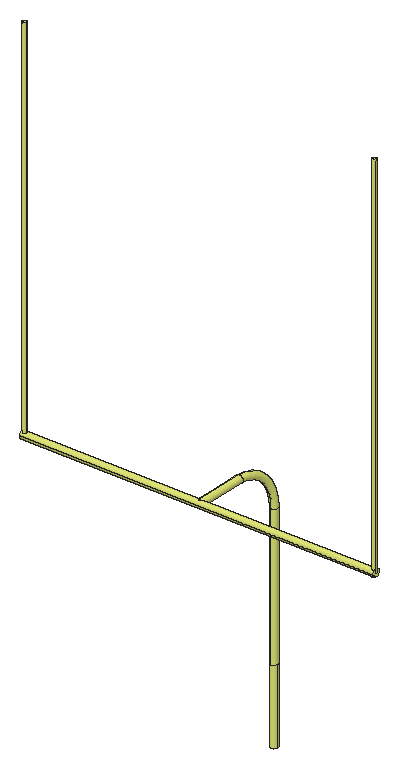
Revit family "Goalpost_PerfectGoal_Gooseneck", category Site, Revit 2022
Family settings
  Round Connector Dimension = Use Diameter
  Part Type = Normal
  OmniClass Number = 23.40.50.34.14
  OmniClass Title = Gymnasium Equipment
  Work Plane-Based = No
  Always vertical = Yes
  Cut with Voids When Loaded = No
  Shared = No
Parameters (values of type "FB45CG")
  URL = "https://ipibybison.com/"
  Total Width = Goal Clearance + (2 * (0' 2 3/8"))  # 18' - 10 3/4"
  Total Height = Rail Elevation + Post Height - 0' 4 1/2"  # 29' - 7 1/2"
  Test Data = "http://www.ipibybison.com/ToolBox.php"
  Specification = "https://www.arcat.com/arcatcos/cos49/arc49571.html"
  Setback = 5' - 0"
  Sales Information = "http://www.ipibybison.com/DealersPage.php"
  Revision = "R1_2018-09"
  Rail Elevation = 10' - 0"
  Product Data = "http://www.arcat.com/arcatcos/cos38/arc38554.html"
  Model = "As Specified"
  Manufacturer Website = "http://www.ipibybison.com/"
  Manufacturer Phone - Toll Free = "888-438-5311"
  Manufacturer Phone = "888-438-5311"
  Manufacturer Fax = "888-438-5312"
  Manufacturer Address = "603 L St.   Lincoln, NE 68508"
  Manufacturer = "BRP by bison"
  Keynote = "11 66 00"
  Installation-Fabrication = "http://www.ipibybison.com/InstallersPage.php"
  Green Building-LEED = "https://www.arcat.com/green/green_building.shtml"
  Gooseneck Diameter = 0' - 4 1/2"
  Post Height = 20' - 0"
  Goal Post Finish = Powder Coat - Specify Color
  Goal Clearance = 18' - 6"
  Embedding Depth = 4' - 0"
  Drawn By = "Sumex Design, Inc. / Robert S. Weygant, CSI, CDT, SCIP"
  Description = "IPI by Bison Gymnasium Equipment"
  Copyright = "©Arcat Inc."
  Construction Details = "https://www.arcat.com/downloads/38554-brpbis/bim/bison/BRP%20by%20bison"
  Category = ""
  Building Codes = "https://www.brpbybison.com/submittals.html"
Types (6): name | Total Width | Setback | Gooseneck Diameter | Goal Clearance
  FB45HS | 23' - 8 3/4" | 5' - 0" | 0' - 4 1/2" | 23' - 4"
  FB45CG | 18' - 10 3/4" | 5' - 0" | 0' - 4 1/2" | 18' - 6"
  FB55CG | 18' - 10 3/4" | 6' - 0" | 0' - 5 9/16" | 18' - 6"
  FB55HS | 23' - 8 3/4" | 6' - 0" | 0' - 5 9/16" | 23' - 4"
  FB58CG | 18' - 10 3/4" | 8' - 0" | 0' - 5 9/16" | 18' - 6"
  FB58HS | 23' - 8 3/4" | 8' - 0" | 0' - 5 9/16" | 23' - 4"
Reference planes (in)
  plane 1 "Center (Front/Back)": y = 0
  plane 2 "Bottom": z = 0
  plane 3 "Center (Left/Right)": x = 0
  plane 4 "Left": x = -113.375
  plane 5 "Right": x = 113.375
  plane 6: z = 120
  plane 7: z = 117.75
  plane 8 "Rail Alignment": y = -60
  plane 9: z = 115.5
  plane 10 "Top": z = 355.5
  plane 11: x = -112.1875
  plane 12: x = 112.1875
  plane 13: x = -111
  plane 14: x = 111
  plane 15: z = -48
Forms (in)
  Sweep 1, solid, material "Powder Coat - Specify Color" <- "Goal Post Finish"
    path origin (0, 0, 0) x (0, 1, 0) y (0, 0, 1)
      loop
        line (-60, 117.75) -> (-28, 117.75)
        arc (-28, 117.75) -> (-8.20101, 109.54899) -> (0, 89.75) r 28
        line (0, 89.75) -> (0, 0)
    profile origin (0, -44, 117.75) x (0, 0, 1) y (1, 0, 0)
      loop
        circle (0, 0) r 2.25
  Extrusion 2, solid, material "Powder Coat - Specify Color" <- "Goal Post Finish"
    sketch origin (0, 0, 0) x (1, 0, 0) y (0, 1, 0)
      loop
        circle (-112.1875, -60) r 1.1875
      loop
        circle (112.1875, -60) r 1.1875
    from 117.75 to 355.5
  Extrusion 3, solid, material "Powder Coat - Specify Color" <- "Goal Post Finish"
    sketch origin (0, 0, 0) x (1, 0, 0) y (0, 1, 0)
      loop
        circle (0, 0) r 2.25
    from -48 to 0
  Extrusion 4, solid, material "Powder Coat - Specify Color" <- "Goal Post Finish"
    sketch origin (0, 0, 0) x (0, 1, 0) y (0, 0, 1)
      loop
        circle (-60, 117.75) r 2.25
    from -113.375 to 113.375
Dimensions and locks (in)
  equal spacing: plane 4 "Left", plane 3 "Center (Left/Right)", plane 5 "Right"
  "Rail Elevation": plane 6 to plane 2 "Bottom"
  locked: plane 6 to plane 7 at 2.25
  "Setback": plane 8 "Rail Alignment" to plane 1 "Center (Front/Back)"
  equal spacing: plane 6, plane 7, plane 9
  "Post Height": plane 10 "Top" to plane 9
  equal spacing: plane 4 "Left", plane 11, plane 13
  locked: plane 4 "Left" to plane 13 at 2.375
  equal spacing: plane 5 "Right", plane 12, plane 14
  locked: plane 5 "Right" to plane 14 at 2.375
  "Goal Clearance": plane 13 to plane 14
  "Embedding Depth": level to plane 15
  "Gooseneck Diameter": diameter of Extrusion 4 sketch curve
  "Gooseneck Diameter": diameter of Sweep 1 sketch curve
  "Gooseneck Diameter": diameter of Extrusion 3 sketch curve
  aligned and locked: plane 2 "Bottom" to level
  aligned and locked: plane 7 to Sweep 1 sketch curve  (x2)
  aligned and locked: plane 8 "Rail Alignment" to Sweep 1 sketch curve
  aligned and locked: Sweep 1 sketch curve to plane 1 "Center (Front/Back)"
  aligned and locked: level to Sweep 1 sketch curve
  aligned and locked: plane 3 "Center (Left/Right)" to Sweep 1 sketch curve
  aligned and locked: plane 11 to Extrusion 2 sketch curve
  aligned and locked: plane 8 "Rail Alignment" to Extrusion 2 sketch curve  (x2)
  aligned and locked: plane 12 to Extrusion 2 sketch curve
  aligned and locked: Extrusion 2 to plane 10 "Top"
  aligned and locked: Extrusion 2 to plane 7
  aligned and locked: plane 3 "Center (Left/Right)" to Extrusion 3 sketch curve
  aligned and locked: plane 1 "Center (Front/Back)" to Extrusion 3 sketch curve
  aligned and locked: level to Extrusion 3
  aligned and locked: plane 15 to Extrusion 3
  aligned and locked: plane 8 "Rail Alignment" to Extrusion 4 sketch curve
  aligned and locked: plane 7 to Extrusion 4 sketch curve
  aligned and locked: Extrusion 4 to plane 5 "Right"
  aligned and locked: Extrusion 4 to plane 4 "Left"
Automatic sketch dimensions
  Sweep 1 sketch curve to Sweep 1 sketch curve = 2' - 4"
  radius of Extrusion 2 sketch curve = 0' - 1 3/16"  (x2)
